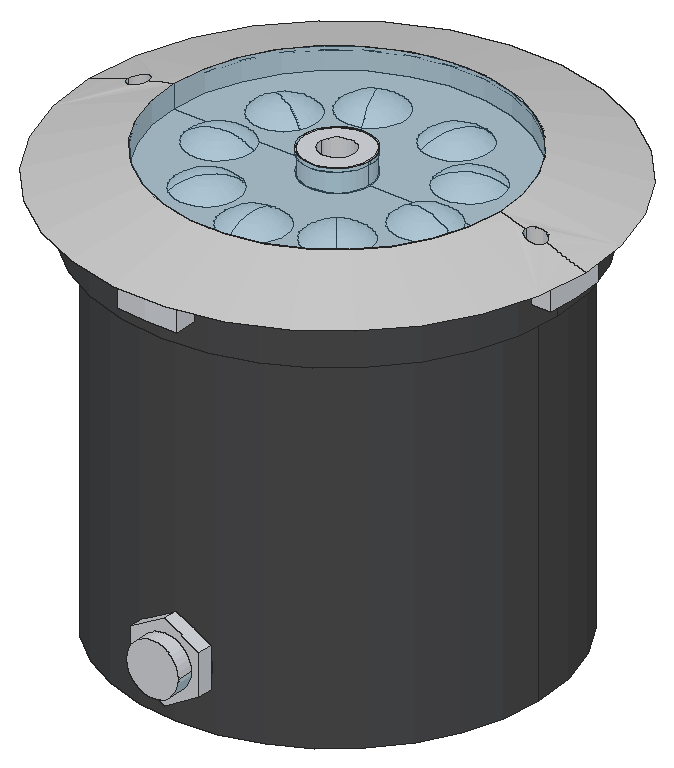
Revit family "DONA LED 18W RGB_LKB0918RGB.25", category Luminarias, Revit 2019
Family settings
  Cota de conector redondo = Diámetro de uso
  Tipo de pieza = Normal
  Se basa en plano de trabajo = Sí
  Siempre vertical = No
  Corte con vacíos al cargar = No
  Origen de luz = Sí
  Compartido = No
  Punto de cálculo de habitación = No
Parameters (values of type "SUB_LKB0918RGB.25")
  Ángulo de inclinación = 60.00°
  Zone [instance] = ""
  Watt per fixture = 25.2
  Wattage = 3.90462 W
  built-in parameter 1150107 = 3000 (stored number, unit not read)
  built-in parameter 1150110 = 1 (stored number, unit not read)
  built-in parameter 1150109 = 1 (stored number, unit not read)
  built-in parameter 1150112 = 1 (stored number, unit not read)
  built-in parameter 1150113 = 1 (stored number, unit not read)
  built-in parameter 1114218 = 1 (stored number, unit not read)
  Keynote = ""
  built-in parameter 1150137 = (empty or 0)
  built-in parameter 1150132 = 2
  Modelo = "LKB0918RGB.25"
  Lámpara = "RGB"
  built-in parameter 1150105 = 46.155 (stored number, unit not read)
  built-in parameter 1150102 = (empty or 0)
  built-in parameter 1150106 = 0.46155 (stored number, unit not read)
  Lumens = 580 lm
  Color Filter = 16777215
  built-in parameter 1114217 = 1 (stored number, unit not read)
  built-in parameter 1150139 = (empty or 0)
  Fabricante = "BRILLANT"
  Default Elevation = 0 mm
  built-in parameter 1150104 = 13.8 (stored number, unit not read)
  Descripción = "LUMINARIA SUB ACUATICA TIPO PUNTUAL PARA EMPOTRAR EN PISO 180MM DE DIAMETRO POR 120MM DE ALTO CONSIDERANDO EL HOUSING, EN FORMA DE DONA, IDEAL PARA FUENTES O CHORROS DE AGUA, ACABADO EN ACERO INOXIDABLE, CUERPO MOLDEADO EN CROMO, SELLO DE SILICON, VIDRIO TEMPLADO DE 8MM, 9 LED TIPO OSRAM CON UN CONSUMO TOTAL DE 25.2W, 580 LUMENES, IP 68, IK 08, SUMERGIBLE MAXIMO 2M, CABLE H07RN DE 3M, APERTURA DE 25 GRADOS, ALIMENTADA A 24V. REQUIERE ACCESORIOS."
  built-in parameter 1150115 = 1 (stored number, unit not read)
  built-in parameter 1150114 = 1 (stored number, unit not read)
  Comentarios de vataje = "24V"
  built-in parameter 1150138 = (empty or 0)
  built-in parameter 1150134 = (empty or 0)
  Circuit [instance] = ""
  Apparent Load = 0 VA
  Dimming Lamp Color Temperature Shift = (empty or 0)
  Archivo de red fotométrica = "LKB0918RGB.IES"
  built-in parameter 1150133 = 10 (stored number, unit not read)
Types (2, lengths in mm): name | Watt per fixture | Wattage | built-in parameter 1150107 | Modelo | Lámpara | built-in parameter 1150105 | built-in parameter 1150106 | Lumens | Descripción | Comentarios de vataje | built-in parameter 1150134 | Archivo de red fotométrica
  SUB_LKB0918RGB.25 | 25.2 | 3.90462 W | 3000 (stored number, unit not read) | "LKB0918RGB.25" | "RGB" | 46.155 (stored number, unit not read) | 0.46155 (stored number, unit not read) | 580 lm | "LUMINARIA SUB ACUATICA TIPO PUNTUAL PARA EMPOTRAR EN PISO 180MM DE DIAMETRO POR 120MM DE ALTO CONSIDERANDO EL HOUSING, EN FORMA DE DONA, IDEAL PARA FUENTES O CHORROS DE AGUA, ACABADO EN ACERO INOXIDABLE, CUERPO MOLDEADO EN CROMO, SELLO DE SILICON, VIDRIO TEMPLADO DE 8MM, 9 LED TIPO OSRAM CON UN CONSUMO TOTAL DE 25.2W, 580 LUMENES, IP 68, IK 08, SUMERGIBLE MAXIMO 2M, CABLE H07RN DE 3M, APERTURA DE 25 GRADOS, ALIMENTADA A 24V. REQUIERE ACCESORIOS." | "24V" | (empty or 0) | "LKB0918RGB.IES"
  SUB_LKPB0158CW | 3 | 1.17139 W | 6000 (stored number, unit not read) | "LKPB0158CW" | "Osram" | 13.846 (stored number, unit not read) | 0.13846 (stored number, unit not read) | 174 lm | "LUMINARIA SUB ACUATICA TIPO PUNTUAL, ACABADO EN ACERO INOXIDABLE, CUPERO MOLDEADO EN CROMO, SELLO DE SILICON, VIDRIO TEMPLADO DE 7MM, 1 LED TIPO OSRAM CON UN CONSUMO TOTAL DE 3W, 174 LUMENES CON  UNA TEMPERATURA EN BLANCO FRIO 6000K, IP 68, IK 06, SUMERGIBLE MAXIMO 2M, CABLE H07RN DE 3M, ALIMENTADA A 24V. REQUIERE ACCESORIOS." | "24" | 5 | "generic"
Reference planes
  plane 1 "Centro (Frontal/Posterior)": y = 0
  plane 2: z = 0
  plane 3 "Centro (Izquierda/Derecha)": x = 0
  plane 4: z = -120
  plane 5: x = -653.678
  plane 6: x = 600
Forms (mm)
  Revolve 1, solid, material "Acero Inoxidable"
    sketch origin (0, 0, 0) x (1, 0, 0) y (0, 0, 1)
      loop
        arc (-48.608, 6.599) -> (-61.379, 3.29) -> (-73.895, -0.88) r 193.662
        line (-73.895, -0.88) -> (-56.555, -0.88) -> (-56.555, -43.844) -> (-10, -43.844) -> (-10, 0) -> (-48.608, 0) -> (-48.608, 6.599)
      axis (0, 6.599) -> (0, -43.844)
    angle from 0 to 360
  Extrusion 2, solid, material "Cristal"
    sketch origin (0, 0, 0) x (1, 0, 0) y (0, 1, 0)
      loop
        circle (0, 0) r 48.608
      loop
        circle (0, 0) r 10
    from 5.471 to 6.599
  Extrusion 3, solid, material "Plastico"
    sketch origin (0, 0, 0) x (1, 0, 0) y (0, 1, 0)
      loop
        circle (0, 0) r 10
    from -59.519 to -50
  Extrusion 4, solid, material "Cobre"
    sketch origin (0, 0, 0) x (1, 0, 0) y (0, 1, 0)
      loop
        line (12.101, 0) -> (6.051, 10.48) -> (-6.051, 10.48) -> (-12.101, 0) -> (-6.051, -10.48) -> (6.051, -10.48) -> (12.101, 0)
    from -50 to -44.024
  Revolve 5, solid, material "Plastico"
    sketch origin (0, 0, 0) x (1, 0, 0) y (0, 0, 1)
      loop
        line (-65.617, -0.88) -> (-65.617, -15.267) -> (-60.177, -15.267) -> (-60.177, -120) -> (0, -120) -> (0, -117.5) -> (-57.633, -117.5) -> (-57.633, -12.767) -> (-63.117, -12.767) -> (-63.117, -0.88) -> (-65.617, -0.88)
      axis (0, -0.88) -> (0, -120)
    angle from 0 to 360
  Extrusion 6, solid
    sketch origin (0, 0, 0) x (1, 0, 0) y (0, 1, 0)
      loop
        line (-62.18, 9) -> (-70.415, 9)
        arc (-70.415, 9) -> (-71.157, 0.011) -> (-70.786, -9) r 73.096
        line (-70.786, -9) -> (-62.18, -9)
        arc (-62.18, -9) -> (-62.915, 0) -> (-62.18, 9) r 55.472
      loop
        arc (62.18, 9) -> (62.915, 0) -> (62.18, -9) r 55.472
        line (62.18, -9) -> (70.786, -9)
        arc (70.786, -9) -> (71.157, 0.011) -> (70.415, 9) r 73.096
        line (70.415, 9) -> (62.18, 9)
      loop
        line (-9, -62.382) -> (-9, -70.617)
        arc (-9, -70.617) -> (-0.011, -71.359) -> (9, -70.988) r 73.096
        line (9, -70.988) -> (9, -62.382)
        arc (9, -62.382) -> (0, -63.117) -> (-9, -62.382) r 55.472
      loop
        arc (-9, 62.382) -> (0, 63.117) -> (9, 62.382) r 55.472
        line (9, 62.382) -> (9, 70.988)
        arc (9, 70.988) -> (-0.011, 71.359) -> (-9, 70.617) r 73.096
        line (-9, 70.617) -> (-9, 62.382)
    from -8.386 to -0.88
  Extrusion 7, void
    sketch origin (0, 0, 0) x (1, 0, 0) y (0, 1, 0)
      loop
        line (-56.875, 1.265) -> (-56.875, -1.265) -> (-41.875, -1.265) -> (-41.875, 1.265) -> (-56.875, 1.265)
      loop
        line (56.875, 1.265) -> (41.875, 1.265) -> (41.875, -1.265) -> (56.875, -1.265) -> (56.875, 1.265)
    from -120 to -15.267
  Extrusion 8, solid
    sketch origin (0, 0, 0) x (1, 0, 0) y (0, 0, 1)
      loop
        circle (0, -102.436) r 10
    from 53.734 to 59.705
  Extrusion 9, solid
    sketch origin (0, 0, 0) x (1, 0, 0) y (0, 0, 1)
      loop
        line (0, -90.682) -> (-10.179, -96.559) -> (-10.179, -108.313) -> (0, -114.19) -> (10.179, -108.313) -> (10.179, -96.559) -> (0, -90.682)
    from 59.705 to 64.128
  Extrusion 10, solid
    sketch origin (0, 0, 0) x (1, 0, 0) y (0, 0, 1)
      loop
        circle (0, -102.436) r 7.692
    from 64.128 to 68.772
  Extrusion 11, void
    sketch origin (0, 0, 0) x (1, 0, 0) y (0, 1, 0)
      loop
        circle (-59.25, 0) r 3.038
      loop
        circle (59.25, 0) r 3.038
    from 0 to 9.5
  Extrusion 12, solid
    sketch origin (0, 0, 0) x (1, 0, 0) y (0, 1, 0)
      loop
        circle (0, 0) r 9.525
      loop
        circle (0, 0) r 5
    from 0 to 6.599
  Revolve 13, solid
    sketch origin (-7.002, -8.805, 0) x (0.622439, 0.782669, 0) y (0, 0, -1)
      loop
        line (-20, 0) -> (-29.232, 0)
        arc (-29.232, 0) -> (-24.94, -2.569) -> (-20, -3.36) r 13.221
        line (-20, -3.36) -> (-20, 0)
      axis (-20, -3.36) -> (-20, 0)
    angle from 0 to 360
  Revolve 14, solid
    sketch origin (0, -11.25, 0) x (0, 1, 0) y (0, 0, -1)
      loop
        line (-20, 0) -> (-29.232, 0)
        arc (-29.232, 0) -> (-24.94, -2.569) -> (-20, -3.36) r 13.221
        line (-20, -3.36) -> (-20, 0)
      axis (-20, -3.36) -> (-20, 0)
    angle from 0 to 360
  Revolve 15, solid
    sketch origin (7.002, -8.805, 0) x (-0.622439, 0.782669, 0) y (0, 0, -1)
      loop
        line (-20, 0) -> (-29.232, 0)
        arc (-29.232, 0) -> (-24.94, -2.569) -> (-20, -3.36) r 13.221
        line (-20, -3.36) -> (-20, 0)
      axis (-20, -3.36) -> (-20, 0)
    angle from 0 to 360
  Revolve 16, solid
    sketch origin (-4.487, 10.316, 0) x (0.398838, -0.917021, 0) y (0, 0, -1)
      loop
        line (-20, 0) -> (-29.232, 0)
        arc (-29.232, 0) -> (-24.94, -2.569) -> (-20, -3.36) r 13.221
        line (-20, -3.36) -> (-20, 0)
      axis (-20, -3.36) -> (-20, 0)
    angle from 0 to 360
  Revolve 17, solid
    sketch origin (-9.933, 5.282, 0) x (0.882948, -0.469472, 0) y (0, 0, -1)
      loop
        line (-20, 0) -> (-29.232, 0)
        arc (-29.232, 0) -> (-24.94, -2.569) -> (-20, -3.36) r 13.221
        line (-20, -3.36) -> (-20, 0)
      axis (-20, -3.36) -> (-20, 0)
    angle from 0 to 360
  Revolve 18, solid
    sketch origin (-11.062, -2.049, 0) x (0.983273, 0.18214, 0) y (0, 0, -1)
      loop
        line (-20, 0) -> (-29.232, 0)
        arc (-29.232, 0) -> (-24.94, -2.569) -> (-20, -3.36) r 13.221
        line (-20, -3.36) -> (-20, 0)
      axis (-20, -3.36) -> (-20, 0)
    angle from 0 to 360
  Revolve 19, solid
    sketch origin (4.487, 10.316, 0) x (-0.398838, -0.917021, 0) y (0, 0, 1)
      loop
        line (-20, 0) -> (-20, 3.36)
        arc (-20, 3.36) -> (-24.94, 2.569) -> (-29.232, 0) r 13.221
        line (-29.232, 0) -> (-20, 0)
      axis (-20, 3.36) -> (-20, 0)
    angle from 0 to 360
  Revolve 20, solid
    sketch origin (9.933, 5.282, 0) x (-0.882948, -0.469472, 0) y (0, 0, 1)
      loop
        line (-20, 0) -> (-20, 3.36)
        arc (-20, 3.36) -> (-24.94, 2.569) -> (-29.232, 0) r 13.221
        line (-29.232, 0) -> (-20, 0)
      axis (-20, 3.36) -> (-20, 0)
    angle from 0 to 360
  Revolve 21, solid
    sketch origin (11.062, -2.049, 0) x (-0.983273, 0.18214, 0) y (0, 0, 1)
      loop
        line (-20, 0) -> (-20, 3.36)
        arc (-20, 3.36) -> (-24.94, 2.569) -> (-29.232, 0) r 13.221
        line (-29.232, 0) -> (-20, 0)
      axis (-20, 3.36) -> (-20, 0)
    angle from 0 to 360
Cuts and joins
  Extrusion 7 cuts Revolve 5
  Extrusion 7, Extrusion 11 cuts Revolve 1
Dimensions and locks
  plane 2 to plane 4 = 120 mm
  level to plane 4 = 120 mm
  level to Extrusion 3 = 59.519 mm
  Revolve 5 sketch curve to Revolve 5 sketch curve = 65.617 mm
  Revolve 1 sketch curve to Revolve 1 sketch curve = 73.895 mm  (x2)
  cut or joined group of Revolve 1, Extrusion 7, Extrusion 11 to cut or joined group of Revolve 1, Extrusion 7, Extrusion 11 = 147.789 mm
  aligned and locked: level to plane 2
Connectors
  electrical at (0, -68.772, -102.436)
    settings: on Extrusion 10, index 1, voltage 24 V, apparent load 0 VA, apparent load phase1 0 VA, apparent load phase2 0 VA, apparent load phase3 0 VA, power factor 1, load classification "Otro", number of poles 1, system type 31, power factor state 1, is connector primary yes, connector utility no, sub classification motor no, connector description ""
